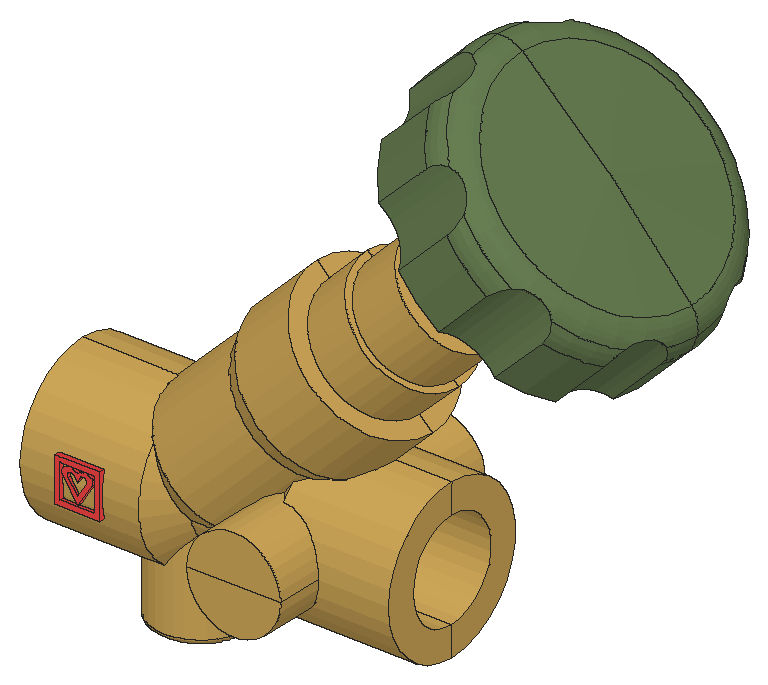
Revit family "HERZ Backflow Preventer With Check Valve 4126", category Rohrzubehör, Revit 2021
Family settings
  Bemaßung runder Anschluss = Durchmesser verwenden
  Teiletyp = Unterbricht
  OmniClass-Nummer = 23.65.55.14
  OmniClass-Titel = Valves for Liquid Services
  Arbeitsebenenbasiert = Nein
  Immer vertikal = Ja
  Beim Laden mit Abzugskörper schneiden = Nein
  Gemeinsam genutzt = Nein
Parameters
  Vorgabe-Ansicht = 0.000 mm
  Part number [instance] = size_lookup("4126_", "Artnr", 0, Nennweite)  # 2412602
  Operating pressure from the backflow preventer = "acc. to DIN EN 13959"  # constant formula
  W01 = 45.00°  # constant formula
  URL = "www.herzvalves.com"
  Spindle = "forged brass CW617N"  # constant formula
  SW01 = 60.00°  # constant formula
  SC_NennweiteBerechnet = 0
  SC_Dimension = ""
  SCTWSEQ = "FW;SBT_TYP_FW=\"109\";2"
  SCTWCODE = "04;00;02"  # constant formula
  S03 = 60.000 mm  # constant formula
  S02 [instance] = L06 + L09 + L12 + L15  # 95.900 mm
  S01 [instance] = R01 * 2  # 32.000 mm
  R12 [instance] = R01 - 1.000 mm  # 15.000 mm
  R11 [instance] = size_lookup("4126_", "R11", 46.500 mm, Nennweite)  # 5.400 mm
  R100 = 1.000 mm  # constant formula
  R10 [instance] = size_lookup("4126_", "R10", 46.500 mm, Nennweite)  # 8.500 mm
  R09 [instance] = size_lookup("4126_", "R9", 46.500 mm, Nennweite)  # 11.750 mm
  R08 [instance] = size_lookup("4126_", "R8", 46.500 mm, Nennweite)  # 13.000 mm
  R07 [instance] = size_lookup("4126_", "R7", 46.500 mm, Nennweite)  # 16.500 mm
  R06 [instance] = size_lookup("4126_", "R6", 43.000 mm, Nennweite)  # 14.600 mm
  R05 [instance] = Nennweite / 2  # 10.000 mm
  R04 [instance] = size_lookup("4126_", "R4", 11.500 mm, Nennweite)  # 9.500 mm
  R03 = 9.500 mm  # constant formula
  R02 [instance] = Nennweite / 2  # 10.000 mm
  R01 [instance] = size_lookup("4126_", "R1", 11.500 mm, Nennweite)  # 16.000 mm
  Note = "Pursuant to Article 33 of the REACH Regulation (EC No. 1907/2006), we are obliged to point out that the material lead is listed on the SVHC list and that all brass components manufactured in our products exceed 0.1% (w / w) lead (CAS: 7439-92-1 / EINECS: 231-100-4).\r\nSince lead is a component part of an alloy, actual exposure is not possible and therefore no additional information on safe use is necessary."
  Nennweite [instance] = 20.000 mm
  Medium = "Water"  # constant formula
  Max. operating temperature = 80 °C  # constant formula
  Max. operating pressure = 1600000.0 Pa  # constant formula
  Max. differential pressure on closed seat = 1000000.0 Pa  # constant formula
  L16 [instance] = L01 / 2  # 12.000 mm
  L15 [instance] = size_lookup("4126_", "L15", 12.400 mm, Nennweite)  # 12.400 mm
  L14 [instance] = size_lookup("4126_", "L14", 81.000 mm, Nennweite)  # 8.000 mm
  L12 [instance] = size_lookup("4126_", "L12", 81.000 mm, Nennweite)  # 33.500 mm
  L11 [instance] = size_lookup("4126_", "L11", 60.000 mm, Nennweite)  # 12.500 mm
  L10 [instance] = size_lookup("4126_", "L10", 20.000 mm, Nennweite)  # 11.000 mm
  L09 [instance] = size_lookup("4126_", "L9", 11.000 mm, Nennweite)  # 15.500 mm
  L08 [instance] = size_lookup("4126_", "L8", 35.000 mm, Nennweite)  # 30.100 mm
  L07 [instance] = size_lookup("4126_", "L7", 35.000 mm, Nennweite)  # 13.500 mm
  L06 [instance] = size_lookup("4126_", "L6", 118.000 mm, Nennweite) - L09  # 34.500 mm
  L05 [instance] = size_lookup("4126_", "L5", 44.000 mm, Nennweite)  # 26.500 mm
  L04 [instance] = size_lookup("4126_", "L4", 45.000 mm, Nennweite)  # 25.500 mm
  L03 = 15.000 mm  # constant formula
  L02 [instance] = size_lookup("4126_", "L2", 22.000 mm, Nennweite)  # 8.000 mm
  L01 [instance] = size_lookup("4126_", "L1", 48.000 mm, Nennweite)  # 24.000 mm
  L00 [instance] = size_lookup("4126_", "L", 180.000 mm, Nennweite)  # 75.000 mm
  Bonnet = "forged brass CW617N"  # constant formula
  Hersteller = "HERZ Armaturen Ges.m.b.H."  # constant formula
  Hand wheel = "plastic, green"  # constant formula
  H01 [instance] = size_lookup("4126_", "H1", 53.000 mm, Nennweite)  # 26.400 mm
  Occasional temperature rises = "up to 95°C, if they do not last longer than 1 h"  # constant formula
  DN50 [instance] = Nennweite = 50.000 mm  # no
  DN40 [instance] = Nennweite = 40.000 mm  # no
  DN32 [instance] = Nennweite = 32.000 mm  # no
  DN25-DN50 [instance] = or(Nennweite = 25.000 mm, Nennweite = 32.000 mm, Nennweite = 40.000 mm, Nennweite = 50.000 mm)  # no
  DN25 [instance] = Nennweite = 25.000 mm  # no
  DN20 [instance] = Nennweite = 20.000 mm  # yes
  DN15 [instance] = Nennweite = 15.000 mm  # no
  Body = "DZR brass CC770S"  # constant formula
  Application = "For shutting off drinking water installations and circulation pipes in buildings."
Reference planes
  plane 1 "Mitte (Vorne/hinten)": y = 0
  plane 2: z = 0
  plane 3 "Mitte (Links/rechts)": x = 0
Forms (mm)
  Revolve 1, solid, material "Messing, weicher Gelbton, geschweißt", detail levels fine
    sketch origin (470, 0, 0) x (1, 0, 0) y (0, 0, 1)
      loop
        line (-507.5, 10) -> (-492.5, 10) -> (-492.5, 0) -> (-447.5, 0) -> (-447.5, 10) -> (-432.5, 10) -> (-432.5, 16) -> (-456.5, 16) -> (-462, 10) -> (-478, 10) -> (-483.5, 16) -> (-507.5, 16) -> (-507.5, 10)
      axis (-507.5, 0) -> (-432.5, 0)
    angle from 0 to 360
  Revolve 2, solid, material "Messing, weicher Gelbton, geschweißt", detail levels fine
    sketch origin (470, 0, 0) x (1, 0, 0) y (0, 0, 1)
      loop
        line (-493, 0) -> (-493, -25.4)
        arc (-493, -25.4) -> (-492.707, -26.107) -> (-492, -26.4) r 1
        line (-492, -26.4) -> (-483.5, -26.4) -> (-483.5, 0) -> (-493, 0)
      axis (-483.5, 0) -> (-483.5, -26.4)
    angle from 0 to 360
  Revolve 3, solid, material "Messing, weicher Gelbton, geschweißt", detail levels fine
    sketch origin (0, 0, 0) x (1, 0, 0) y (0, 1, 0)
      loop
        line (13.5, -25.5) -> (23, -25.5) -> (23, 26.5) -> (13.5, 26.5) -> (13.5, -25.5)
      axis (13.5, -25.5) -> (13.5, 26.5)
    angle from 0 to 360
  Revolve 4, solid, material "Messing, weicher Gelbton, geschweißt", visible <- "DN25-DN50", detail levels fine
    sketch origin (-470, 0, 0) x (-1, 0, 0) y (0, 0, 1)
      loop
        line (-493, 0) -> (-493, -25.4)
        arc (-493, -25.4) -> (-492.707, -26.107) -> (-492, -26.4) r 1
        line (-492, -26.4) -> (-483.5, -26.4) -> (-483.5, 0) -> (-493, 0)
      axis (-483.5, 0) -> (-483.5, -26.4)
    angle from 0 to 360
  Revolve 5, solid, material "Messing, weicher Gelbton, geschweißt", detail levels fine
    sketch origin (0.32, 0, -0.105) x (1, 0, 0) y (0, 0, 1)
      loop
        line (-13.82, 0) -> (53.991, 67.812) -> (50.173, 71.63) -> (41.405, 62.862) -> (39.213, 65.054) -> (32.142, 57.983) -> (29.844, 60.281) -> (21.005, 51.442) -> (20.121, 52.326) -> (12.343, 44.548) -> (9.868, 47.023) -> (-1.092, 36.062) -> (-2.86, 31.608) -> (-18.487, 15.981) -> (-20.891, 7.071) -> (-13.82, 0)
      axis (-13.82, 0) -> (53.991, 67.812)
    angle from 0 to 360
Lines and regions (mm)
  model lines, detail levels coarse+medium
    curve 1: line (-37.5, 0, 16) -> (-37.5, 0, -16)
    curve 2: line (-37.5, 0, -16) -> (37.5, 0, 16)
    curve 3: line (37.5, 0, 16) -> (37.5, 0, -16)
    curve 4: line (37.5, 0, -16) -> (-37.5, 0, 16)
    curve 5: line (0, 0, 0) -> (47.95, 0, 83.052)
    curve 6: line (21.969, 0, 98.052) -> (73.931, 0, 68.052)
    curve 7: line (-37.5, -16, 0) -> (-37.5, 16, 0)
    curve 8: line (-37.5, 16, 0) -> (37.5, -16, 0)
    curve 9: line (37.5, -16, 0) -> (37.5, 16, 0)
    curve 10: line (37.5, 16, 0) -> (-37.5, -16, 0)
    curve 11: line (0, 0, 0) -> (47.95, 83.052, 0)
    curve 12: line (21.969, 98.052, 0) -> (73.931, 68.052, 0)
Dimensions and locks
  "H01": plane 2 to Revolve 2 sketch curve
  "L00": Revolve 1 sketch curve to Revolve 1 sketch curve
  equal spacing: Revolve 1 sketch curve, plane 3 "Mitte (Links/rechts)", Revolve 1 sketch curve
  "R01": Revolve 1 sketch curve to Revolve 1 sketch curve  (x2)
  "R02": Revolve 1 sketch curve to Revolve 1 sketch curve  (x3)
  "L01": Revolve 1 sketch curve to Revolve 1 sketch curve  (x2)
  "L02": plane 3 "Mitte (Links/rechts)" to Revolve 1 sketch curve
  "L02": Revolve 1 sketch curve to plane 3 "Mitte (Links/rechts)"
  "L03": Revolve 1 sketch curve to Revolve 1 sketch curve  (x2)
  "L01": Revolve 1 to Revolve 2 sketch curve
  "R03": Revolve 2 sketch curve to Revolve 2 sketch curve
  "L01": Revolve 4 sketch curve to Revolve 1
  "R03": Revolve 4 sketch curve to Revolve 4 sketch curve
  "H01": plane 2 to Revolve 4 sketch curve
  "L04": Revolve 3 sketch curve to plane 1 "Mitte (Vorne/hinten)"
  "L05": plane 1 "Mitte (Vorne/hinten)" to Revolve 3 sketch curve
  "R04": Revolve 3 sketch curve to Revolve 3 sketch curve
  "L01": Revolve 3 sketch curve to Revolve 1
  "R07": Revolve 5 sketch curve to Revolve 5 sketch curve
  "L07": plane 3 "Mitte (Links/rechts)" to Revolve 5 sketch curve
  "R05": Revolve 5 sketch curve to Revolve 5 sketch curve
  "L06": Revolve 5 sketch curve to Revolve 5 sketch curve
  "L08": Revolve 5 sketch curve to Revolve 5 sketch curve
  "R06": Revolve 5 sketch curve to Revolve 5 sketch curve
  "L14": Revolve 5 sketch curve to Revolve 5 sketch curve
  "L09": Revolve 5 sketch curve to Revolve 5 sketch curve
  "R08": Revolve 5 sketch curve to Revolve 5 sketch curve
  "L10": Revolve 5 sketch curve to Revolve 5 sketch curve
  "R09": Revolve 5 sketch curve to Revolve 5 sketch curve
  "R10": Revolve 5 sketch curve to Revolve 5 sketch curve
  "L12": Revolve 5 sketch curve to Revolve 5 sketch curve
  "R11": Revolve 5 sketch curve to Revolve 5 sketch curve
  "L15": Revolve 5 sketch curve to Revolve 5 sketch curve
  "L11": Revolve 5 sketch curve to Revolve 5 sketch curve
  "R12": nested 7 to plane 1 "Mitte (Vorne/hinten)"
  "L16": Revolve 1 to nested 7
  "L00": curve 1 to curve 3
  "S01": curve 4 to curve 2
  "S01": curve 3 to curve 4
  equal spacing: curve 4, plane 2, curve 2
  equal spacing: curve 3, plane 2, curve 4
  "S02": curve 5 to curve 5
  equal spacing: curve 6, curve 5, curve 6
  "S03": curve 6 to curve 6
  "L00": curve 7 to curve 9
  "S01": curve 10 to curve 8
  curve 9 to curve 10 = 32.000 mm
  equal spacing: curve 12, curve 11, curve 12
  "S03": curve 12 to curve 12
  "S02": curve 11 to curve 11
  equal spacing: curve 10, plane 1 "Mitte (Vorne/hinten)", curve 8
  equal spacing: curve 9, plane 1 "Mitte (Vorne/hinten)", curve 10
  equal spacing: curve 7, plane 3 "Mitte (Links/rechts)", curve 9
  equal spacing: Revolve 1, curve 5, Revolve 1
  equal spacing: curve 7, curve 11, Revolve 1
  equal spacing: curve 1, plane 3 "Mitte (Links/rechts)", curve 3
  "R100": radius of Revolve 2 sketch curve
  "R100": radius of Revolve 4 sketch curve
  "W01": angle plane 2 to Revolve 5 sketch curve
  "W01": angle level to Revolve 5 sketch curve
  "SW01": angle plane 2 to curve 5
  "SW01": angle plane 1 "Mitte (Vorne/hinten)" to curve 11
  aligned and locked: level to plane 2
Automatic sketch dimensions
  curve 5 to level = 0.000 mm
  plane 1 "Mitte (Vorne/hinten)" to curve 11 = 0.000 mm
  Revolve 1 sketch curve to level = 0.000 mm  (x2)
  Revolve 1 sketch curve to Revolve 1 sketch curve = 791.990 mm
  Revolve 1 sketch curve to Revolve 1 sketch curve = 2278.983 mm
  Revolve 2 sketch curve to level = 0.000 mm  (x2)
  Revolve 2 sketch curve to Revolve 2 sketch curve = 0.000 mm
  Revolve 2 sketch curve to Revolve 2 sketch curve = 0.292 mm
  Revolve 3 sketch curve to Revolve 3 sketch curve = 0.000 mm  (x3)
  Revolve 4 sketch curve to level = 0.000 mm  (x2)
  Revolve 4 sketch curve to Revolve 4 sketch curve = 0.000 mm
  Revolve 4 sketch curve to Revolve 4 sketch curve = 0.292 mm
  Revolve 5 sketch curve to level = 0.105 mm
  Revolve 5 sketch curve to Revolve 5 sketch curve = 0.000 mm  (x2)
Nested families
  nested 1: "Strömax-Handrad_Schrägsitz (Grün)" at (42.584, 0, 54.979), visible <- "DN15", type "Strömax-Handrad_Schrägsitz (Grün)", detail levels fine
    with Nennweite 0.000 mm, Gewicht 0.00 kg, Bestellnummer 0
  nested 2: "Strömax-Handrad_Schrägsitz (Grün)" at (54.312, 0, 67.707), visible <- "DN20", type "Strömax-Handrad_Schrägsitz (Grün)", detail levels fine
    with Nennweite 0.000 mm, Gewicht 0.00 kg, Bestellnummer 0
  nested 3: "Strömax-Handrad_Schrägsitz (Grün)" at (62.469, 0, 80.364), visible <- "DN25", type "Strömax-Handrad_Schrägsitz (Grün)", detail levels fine
    with Nennweite 0.000 mm, Gewicht 0.00 kg, Bestellnummer 0
  nested 4: "Strömax-Handrad_Schrägsitz (Grün)" at (71.712, 0, 91.607), visible <- "DN32", type "Strömax-Handrad_Schrägsitz (Grün)", detail levels fine
    with Nennweite 0.000 mm, Gewicht 0.00 kg, Bestellnummer 0
  nested 5: "Strömax-Handrad_Schrägsitz (Grün)" at (80.399, 0, 101.294), visible <- "DN40", type "Strömax-Handrad_Schrägsitz (Grün)", detail levels fine
    with Nennweite 0.000 mm, Gewicht 0.00 kg, Bestellnummer 0
  nested 6: "Strömax-Handrad_Schrägsitz (Grün)" at (97.83, 0, 129.225), visible <- "DN50", type "Strömax-Handrad_Schrägsitz (Grün)", detail levels fine
    with Nennweite 0.000 mm, Gewicht 0.00 kg, Bestellnummer 0
  nested 7: "Herz-Logo-vorne" at (-25.5, -15.732, 0) x (0, 1, 0) z (0, 0, 1), type "Herz-Logo-vorne", detail levels fine
Connectors
  piping at (-22.5, 0, 0), diameter 20, driven by "Nennweite"
    settings: on Revolve 1, index 1, connector inside diameter 609.6 mm, connector length 0.000 mm, flow factor 0, pipe flow 0.0 L/s, pressure drop 0.0 Pa, fitting loss kfactor 0, connector angle 0.00°, fixture units 0, engagement length 0.000 mm, angle of deflection 0.00°, flow configuration 0, flow direction 1, fitting loss method 0, system type 29, joint type 0, gender type 0, connector reference index -1, connector utility 0, adjustable connector no, is connector primary yes, connector description ""
  piping at (22.5, 0, 0), diameter 20, driven by "Nennweite"
    settings: on Revolve 1, index 2, connector inside diameter 609.6 mm, connector length 0.000 mm, flow factor 0, pipe flow 0.0 L/s, pressure drop 0.0 Pa, fitting loss kfactor 0, connector angle 0.00°, fixture units 0, engagement length 0.000 mm, angle of deflection 0.00°, flow configuration 0, flow direction 2, fitting loss method 0, system type 29, joint type 0, gender type 0, connector reference index -1, connector utility 0, adjustable connector no, is connector primary no, connector description ""
Definition of nested family "Strömax-Handrad_Schrägsitz (Grün)"
  Parameters (values of type "Strömax-Handrad_Schrägsitz (Grün)")
    Default Elevation = 0.000 mm
    URL = "www.herz-armaturen.at"
    Nennweite [instance] = 0.000 mm
    Manufacturer = "Herz Armaturen GmbH"  # constant formula
    Gewicht [instance] = 0.00 kg
    Bestellnummer [instance] = 0
  Reference planes
    plane 1 "Mitte (Vorne/hinten)": y = 0
    plane 2: z = 0
    plane 3 "Mitte (Links/rechts)": x = 0
  Forms (mm)
    Revolve 1, solid
      sketch origin (0, 0, 0) x (0.707107, 0, -0.707107) y (0.707107, 0, 0.707107)
        loop
          line (0, 0) -> (0, 22)
          arc (0, 22) -> (-12.15, 21.705) -> (-24.271, 20.819) r 250
          arc (-24.271, 20.819) -> (-26.831, 19.959) -> (-28.754, 18.063) r 6
          arc (-28.754, 18.063) -> (-29.682, 16.008) -> (-30, 13.776) r 8
          line (-30, 13.776) -> (-30, 0) -> (0, 0)
        axis (0, 22) -> (0, 0)
      angle from 0 to 360
    Extrusion 2, void
      sketch origin (0, 0, 0) x (0.707107, 0, -0.707107) y (0, 1, 0)
        loop
          circle (14.351, -34.645) r 10
      from 0 to 22
    Extrusion 3, void
      sketch origin (0, 0, 0) x (-0.707107, 0, 0.707107) y (0, -1, 0)
        loop
          circle (14.351, 34.645) r 10
      from 0 to 22
    Extrusion 4, void
      sketch origin (0, 0, 0) x (0, -1, 0) y (0.707107, 0, -0.707107)
        loop
          circle (14.351, 34.645) r 10
      from 0 to 22
    Extrusion 5, void
      sketch origin (0, 0, 0) x (0, 1, 0) y (-0.707107, 0, 0.707107)
        loop
          circle (14.351, -34.645) r 10
      from 0 to 22
    Extrusion 6, void
      sketch origin (0, 0, 0) x (0, -1, 0) y (0.707107, 0, -0.707107)
        loop
          circle (14.351, -34.645) r 10
      from 0 to 22
    Extrusion 7, void
      sketch origin (0, 0, 0) x (0, 1, 0) y (-0.707107, 0, 0.707107)
        loop
          circle (14.351, 34.645) r 10
      from 0 to 22
    Extrusion 8, void
      sketch origin (0, 0, 0) x (0.707107, 0, -0.707107) y (0, 1, 0)
        loop
          circle (14.351, 34.645) r 10
      from 0 to 22
    Extrusion 9, void
      sketch origin (0, 0, 0) x (-0.707107, 0, 0.707107) y (0, -1, 0)
        loop
          circle (14.351, -34.645) r 10
      from 0 to 22
  Cuts and joins
    Extrusion 2, Extrusion 3, Extrusion 4, Extrusion 5, Extrusion 6, Extrusion 7, Extrusion 8, Extrusion 9 cuts Revolve 1
  Dimensions and locks
    aligned and locked: level to plane 2
Definition of nested family "Herz-Logo-vorne"
  Parameters (values of type "Herz-Logo-vorne")
    Default Elevation = 0.000 mm
  Reference planes
    plane 1 "Mitte (Vorne/hinten)": y = 0
    plane 2: z = 0
    plane 3 "Mitte (Links/rechts)": x = 0
  Forms (mm)
    Extrusion 1, solid
      sketch origin (0.732, -0.018, 0.017) x (0, -1, 0) y (0, 0, 1)
        loop
          line (-0.018, -4.517) -> (4.482, -4.517) -> (4.482, 4.483) -> (-4.518, 4.483) -> (-4.518, -4.517) -> (-0.018, -4.517)
        loop
          line (-0.05, -3.48) -> (3.482, -3.48) -> (3.482, 3.483) -> (-3.518, 3.483) -> (-3.518, -3.48) -> (-0.05, -3.48)
        loop
          arc (-0.018, 2.383) -> (-1.543, 3.287) -> (-3.067, 2.383) r 1.738
          arc (-3.067, 2.383) -> (-3.191, 1.899) -> (-3.067, 1.415) r 1.009
          line (-3.067, 1.415) -> (-0.018, -3.281) -> (3.032, 1.415)
          arc (3.032, 1.415) -> (3.156, 1.899) -> (3.032, 2.383) r 1.009
          arc (3.032, 2.383) -> (1.507, 3.287) -> (-0.018, 2.383) r 1.738
        loop
          arc (1.885, 1.272) -> (2.005, 1.675) -> (1.885, 2.079) r 0.74
          arc (1.885, 2.079) -> (1.265, 2.416) -> (0.644, 2.079) r 0.74
          line (0.644, 2.079) -> (-0.018, 0.97) -> (-0.679, 2.079)
          arc (-0.679, 2.079) -> (-1.3, 2.416) -> (-1.921, 2.079) r 0.74
          arc (-1.921, 2.079) -> (-2.04, 1.675) -> (-1.921, 1.272) r 0.74
          line (-1.921, 1.272) -> (-0.018, -1.658) -> (1.885, 1.272)
      from 0 to 1.5
  Dimensions and locks
    aligned and locked: level to plane 2
